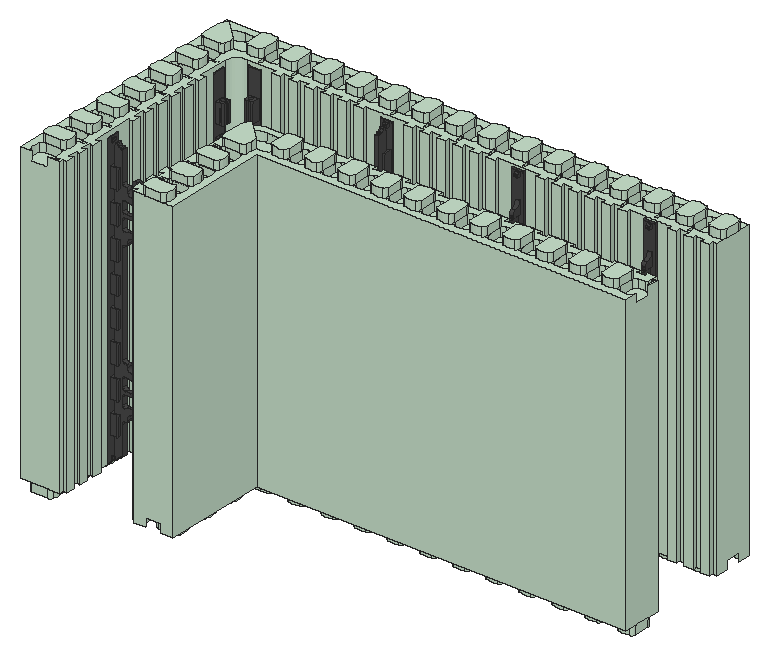
Revit family "ICF- NUDURA 4-inch- 90 Degree Form Unit- Imperial", category Generic Models, Revit 2011 (continued)
Definition of nested family "4-inch Insert Web"
  Forms (in)
    Extrusion 2, solid, material "High Density Polystyrene"
      sketch origin (0, 0, 0) x (0, 1, 0) y (0, 0, 1)
        loop
          arc (0.20617, 5.76236) -> (0.36995, 5.99369) -> (0.60829, 6.14711) r 0.745
          arc (0.60829, 6.14711) -> (0.89426, 6.02456) -> (0.77171, 5.73858) r 0.22
          arc (0.77171, 5.73858) -> (0.74446, 5.18471) -> (1.18179, 5.52567) r 0.305
          arc (1.18179, 5.52567) -> (1.20889, 5.61305) -> (1.29847, 5.63158) r 0.09
          arc (1.29847, 5.63158) -> (1.44097, 5.6906) -> (1.5, 5.8331) r 0.20153
        loop
          line (1.5, 13.92792) -> (1.5, 14.39506)
          arc (1.5, 14.39506) -> (1.44165, 14.51428) -> (1.31171, 14.54135) r 0.15098
          arc (1.31171, 14.54135) -> (0.8435, 14.42302) -> (0.37542, 14.30691) r 109.15003
          arc (0.37542, 14.30691) -> (0.21407, 14.19098) -> (0.15234, 14.00212) r 0.31975
          arc (0.15234, 14.00212) -> (0.22557, 13.82535) -> (0.40234, 13.75212) r 0.25
          line (0.40234, 13.75212) -> (1.32421, 13.75212)
          arc (1.32421, 13.75212) -> (1.44851, 13.80361) -> (1.5, 13.92792) r 0.17579
        loop
          arc (1.5, 13.40446) -> (1.44851, 13.52876) -> (1.32421, 13.58025) r 0.17579
          line (1.32421, 13.58025) -> (0.40234, 13.58025)
          arc (0.40234, 13.58025) -> (0.22557, 13.50703) -> (0.15234, 13.33025) r 0.25
          arc (0.15234, 13.33025) -> (0.21407, 13.1414) -> (0.37542, 13.02546) r 0.31975
          arc (0.37542, 13.02546) -> (0.8435, 12.90936) -> (1.31171, 12.79102) r 109.15003
          arc (1.31171, 12.79102) -> (1.44165, 12.81809) -> (1.5, 12.93731) r 0.15098
          line (1.5, 12.93731) -> (1.5, 13.40446)
        loop
          line (2.18889, 0.33798) -> (2.13111, 0.34119)
          arc (2.13111, 0.34119) -> (2.11625, 0.33575) -> (2.11, 0.32122) r 0.02
          line (2.11, 0.32122) -> (2.11, 0.20001)
          arc (2.11, 0.20001) -> (2.11414, 0.1848) -> (2.12543, 0.17379) r 0.03
          line (2.12543, 0.17379) -> (2.19457, 0.13538)
          arc (2.19457, 0.13538) -> (2.20585, 0.12437) -> (2.21, 0.10915) r 0.03
          line (2.21, 0.10915) -> (2.21, 0.35795)
          arc (2.21, 0.35795) -> (2.20374, 0.34342) -> (2.18889, 0.33798) r 0.02
        loop
          arc (1.5, 3.81792) -> (1.44851, 3.94222) -> (1.32421, 3.99371) r 0.17579
          line (1.32421, 3.99371) -> (0.40234, 3.99371)
          arc (0.40234, 3.99371) -> (0.22557, 3.92048) -> (0.15234, 3.74371) r 0.25
          arc (0.15234, 3.74371) -> (0.21407, 3.55486) -> (0.37542, 3.43892) r 0.31975
          arc (0.37542, 3.43892) -> (0.8435, 3.32282) -> (1.31171, 3.20448) r 109.15003
          arc (1.31171, 3.20448) -> (1.44165, 3.23155) -> (1.5, 3.35077) r 0.15098
          line (1.5, 3.35077) -> (1.5, 3.81792)
        loop
          line (1.5, 4.34137) -> (1.5, 4.80852)
          arc (1.5, 4.80852) -> (1.44165, 4.92774) -> (1.31171, 4.95481) r 0.15098
          arc (1.31171, 4.95481) -> (0.8435, 4.83647) -> (0.37542, 4.72037) r 109.15003
          arc (0.37542, 4.72037) -> (0.21407, 4.60444) -> (0.15234, 4.41558) r 0.31975
          arc (0.15234, 4.41558) -> (0.22557, 4.23881) -> (0.40234, 4.16558) r 0.25
          line (0.40234, 4.16558) -> (1.32421, 4.16558)
          arc (1.32421, 4.16558) -> (1.44851, 4.21707) -> (1.5, 4.34137) r 0.17579
        loop
          line (-2.18889, 17.40785) -> (-2.13111, 17.40464)
          arc (-2.13111, 17.40464) -> (-2.11625, 17.41008) -> (-2.11, 17.42461) r 0.02
          line (-2.11, 17.42461) -> (-2.11, 17.54582)
          arc (-2.11, 17.54582) -> (-2.11414, 17.56103) -> (-2.12543, 17.57204) r 0.03
          line (-2.12543, 17.57204) -> (-2.19457, 17.61045)
          arc (-2.19457, 17.61045) -> (-2.20585, 17.62147) -> (-2.21, 17.63668) r 0.03
          line (-2.21, 17.63668) -> (-2.21, 17.38789)
          arc (-2.21, 17.38789) -> (-2.20374, 17.40241) -> (-2.18889, 17.40785) r 0.02
        loop
          arc (-1.5, 13.92792) -> (-1.44851, 13.80361) -> (-1.32421, 13.75212) r 0.17579
          line (-1.32421, 13.75212) -> (-0.40234, 13.75212)
          arc (-0.40234, 13.75212) -> (-0.22557, 13.82535) -> (-0.15234, 14.00212) r 0.25
          arc (-0.15234, 14.00212) -> (-0.21407, 14.19098) -> (-0.37542, 14.30691) r 0.31975
          arc (-0.37542, 14.30691) -> (-0.8435, 14.42302) -> (-1.31171, 14.54135) r 109.15003
          arc (-1.31171, 14.54135) -> (-1.44165, 14.51428) -> (-1.5, 14.39506) r 0.15098
          line (-1.5, 14.39506) -> (-1.5, 13.92792)
        loop
          line (-1.5, 13.40446) -> (-1.5, 12.93731)
          arc (-1.5, 12.93731) -> (-1.44165, 12.81809) -> (-1.31171, 12.79102) r 0.15098
          arc (-1.31171, 12.79102) -> (-0.8435, 12.90936) -> (-0.37542, 13.02546) r 109.15003
          arc (-0.37542, 13.02546) -> (-0.21407, 13.1414) -> (-0.15234, 13.33025) r 0.31975
          arc (-0.15234, 13.33025) -> (-0.22557, 13.50703) -> (-0.40234, 13.58025) r 0.25
          line (-0.40234, 13.58025) -> (-1.32421, 13.58025)
          arc (-1.32421, 13.58025) -> (-1.44851, 13.52876) -> (-1.5, 13.40446) r 0.17579
        loop
          arc (-2.18889, 0.33798) -> (-2.20374, 0.34342) -> (-2.21, 0.35795) r 0.02
          line (-2.21, 0.35795) -> (-2.21, 0.10915)
          arc (-2.21, 0.10915) -> (-2.20585, 0.12437) -> (-2.19457, 0.13538) r 0.03
          line (-2.19457, 0.13538) -> (-2.12543, 0.17379)
          arc (-2.12543, 0.17379) -> (-2.11414, 0.1848) -> (-2.11, 0.20001) r 0.03
          line (-2.11, 0.20001) -> (-2.11, 0.32122)
          arc (-2.11, 0.32122) -> (-2.11625, 0.33575) -> (-2.13111, 0.34119) r 0.02
          line (-2.13111, 0.34119) -> (-2.18889, 0.33798)
        loop
          line (-1.5, 3.81792) -> (-1.5, 3.35077)
          arc (-1.5, 3.35077) -> (-1.44165, 3.23155) -> (-1.31171, 3.20448) r 0.15098
          arc (-1.31171, 3.20448) -> (-0.8435, 3.32282) -> (-0.37542, 3.43892) r 109.15003
          arc (-0.37542, 3.43892) -> (-0.21407, 3.55486) -> (-0.15234, 3.74371) r 0.31975
          arc (-0.15234, 3.74371) -> (-0.22557, 3.92048) -> (-0.40234, 3.99371) r 0.25
          line (-0.40234, 3.99371) -> (-1.32421, 3.99371)
          arc (-1.32421, 3.99371) -> (-1.44851, 3.94222) -> (-1.5, 3.81792) r 0.17579
        loop
          arc (-1.5, 4.34137) -> (-1.44851, 4.21707) -> (-1.32421, 4.16558) r 0.17579
          line (-1.32421, 4.16558) -> (-0.40234, 4.16558)
          arc (-0.40234, 4.16558) -> (-0.22557, 4.23881) -> (-0.15234, 4.41558) r 0.25
          arc (-0.15234, 4.41558) -> (-0.21407, 4.60444) -> (-0.37542, 4.72037) r 0.31975
          arc (-0.37542, 4.72037) -> (-0.8435, 4.83647) -> (-1.31171, 4.95481) r 109.15003
          arc (-1.31171, 4.95481) -> (-1.44165, 4.92774) -> (-1.5, 4.80852) r 0.15098
          line (-1.5, 4.80852) -> (-1.5, 4.34137)
      from 0.125 to -0.125
    Extrusion 3, solid, material "High Density Polystyrene"
      sketch origin (0, 0, 0) x (0, 1, 0) y (0, 0, 1)
        loop
          line (2.21, 16.17792) -> (1.71, 16.17792) -> (1.71, 14.97792) -> (2.21, 14.97792) -> (2.21, 16.17792)
        loop
          line (2.21, 14.22792) -> (1.71, 14.22792) -> (1.71, 13.02792) -> (2.21, 13.02792) -> (2.21, 14.22792)
        loop
          line (2.21, 12.27792) -> (1.71, 12.27792) -> (1.71, 11.07792) -> (2.21, 11.07792) -> (2.21, 12.27792)
        loop
          line (2.21, 10.32792) -> (1.71, 10.32792) -> (1.71, 9.24792) -> (2.21, 9.24792) -> (2.21, 10.32792)
        loop
          line (2.21, 8.49792) -> (1.71, 8.49792) -> (1.71, 7.41792) -> (2.21, 7.41792) -> (2.21, 8.49792)
        loop
          line (2.21, 6.66792) -> (1.71, 6.66792) -> (1.71, 5.46792) -> (2.21, 5.46792) -> (2.21, 6.66792)
        loop
          line (2.21, 4.71792) -> (1.71, 4.71792) -> (1.71, 3.51792) -> (2.21, 3.51792) -> (2.21, 4.71792)
        loop
          line (2.21, 2.76792) -> (1.71, 2.76792) -> (1.71, 1.56792) -> (2.21, 1.56792) -> (2.21, 2.76792)
        loop
          line (-2.21, 16.17792) -> (-2.21, 14.97792) -> (-1.71, 14.97792) -> (-1.71, 16.17792) -> (-2.21, 16.17792)
        loop
          line (-2.21, 14.22792) -> (-2.21, 13.02792) -> (-1.71, 13.02792) -> (-1.71, 14.22792) -> (-2.21, 14.22792)
        loop
          line (-2.21, 12.27792) -> (-2.21, 11.07792) -> (-1.71, 11.07792) -> (-1.71, 12.27792) -> (-2.21, 12.27792)
        loop
          line (-2.21, 10.32792) -> (-2.21, 9.24792) -> (-1.71, 9.24792) -> (-1.71, 10.32792) -> (-2.21, 10.32792)
        loop
          line (-2.21, 8.49792) -> (-2.21, 7.41792) -> (-1.71, 7.41792) -> (-1.71, 8.49792) -> (-2.21, 8.49792)
        loop
          line (-2.21, 6.66792) -> (-2.21, 5.46792) -> (-1.71, 5.46792) -> (-1.71, 6.66792) -> (-2.21, 6.66792)
        loop
          line (-2.21, 4.71792) -> (-2.21, 3.51792) -> (-1.71, 3.51792) -> (-1.71, 4.71792) -> (-2.21, 4.71792)
        loop
          line (-2.21, 2.76792) -> (-2.21, 1.56792) -> (-1.71, 1.56792) -> (-1.71, 2.76792) -> (-2.21, 2.76792)
      from 0.25 to -0.25
    Extrusion 4, void
      sketch origin (0, -1, 0) x (1, 0, 0) y (0, 1, 0)
        loop
          line (-0.25, 2.79249) -> (-0.25, 2.71) -> (-0.1675, 2.71)
          arc (-0.1675, 2.71) -> (-0.22584, 2.73416) -> (-0.25, 2.79249) r 0.0825
      from 0 to 18
    Extrusion 5, void
      sketch origin (0, -1, 0) x (-1, 0, 0) y (0, -1, 0)
        loop
          arc (-0.25, -2.79249) -> (-0.22584, -2.73416) -> (-0.1675, -2.71) r 0.0825
          line (-0.1675, -2.71) -> (-0.25, -2.71) -> (-0.25, -2.79249)
      from 0 to 18
    Extrusion 6, void
      sketch origin (0, 1, 0) x (1, 0, 0) y (0, 1, 0)
        loop
          arc (-0.25, -2.79249) -> (-0.22584, -2.73416) -> (-0.1675, -2.71) r 0.0825
          line (-0.1675, -2.71) -> (-0.25, -2.71) -> (-0.25, -2.79249)
      from 0 to 18
    Extrusion 7, void
      sketch origin (0, 1, 0) x (-1, 0, 0) y (0, -1, 0)
        loop
          line (-0.25, 2.79249) -> (-0.25, 2.71) -> (-0.1675, 2.71)
          arc (-0.1675, 2.71) -> (-0.22584, 2.73416) -> (-0.25, 2.79249) r 0.0825
      from 0 to 18
  Cuts and joins
    Extrusion 4, Extrusion 5, Extrusion 6, Extrusion 7 cuts Extrusion 1
    Extrusion 4, Extrusion 5, Extrusion 6, Extrusion 7 cuts Extrusion 3
Definition of nested family "4-inch Web"
  Reference planes (in)
    plane 1 "Center (Front/Back)": y = 0
    plane 2: z = 0
    plane 3 "Center (Left/Right)": x = 0
  Forms (in)
    Extrusion 1, solid, material "Polypropylene"
      sketch origin (0, -2, -0.5) x (0, 1, 0) y (0, 0, 1)
        loop
          arc (4.185, 0.98503) -> (4.17874, 0.9705) -> (4.16389, 0.96506) r 0.02
          line (4.16389, 0.96506) -> (4.00611, 0.97383)
          arc (4.00611, 0.97383) -> (3.99126, 0.96839) -> (3.985, 0.95386) r 0.02
          line (3.985, 0.95386) -> (3.985, 0.88265)
          arc (3.985, 0.88265) -> (3.98914, 0.86744) -> (4.00043, 0.85643) r 0.03
          line (4.00043, 0.85643) -> (4.16957, 0.76246)
          arc (4.16957, 0.76246) -> (4.18086, 0.75145) -> (4.185, 0.73624) r 0.03
          line (4.185, 0.73624) -> (4.185, 0.98503)
        loop
          line (-0.185, 0.98503) -> (-0.185, 0.73624)
          arc (-0.185, 0.73624) -> (-0.18086, 0.75145) -> (-0.16957, 0.76246) r 0.03
          line (-0.16957, 0.76246) -> (-0.00043, 0.85643)
          arc (-0.00043, 0.85643) -> (0.01086, 0.86744) -> (0.015, 0.88265) r 0.03
          line (0.015, 0.88265) -> (0.015, 0.95386)
          arc (0.015, 0.95386) -> (0.00874, 0.96839) -> (-0.00611, 0.97383) r 0.02
          line (-0.00611, 0.97383) -> (-0.16389, 0.96506)
          arc (-0.16389, 0.96506) -> (-0.17874, 0.9705) -> (-0.185, 0.98503) r 0.02
        loop
          line (3.995, 15.39617) -> (3.995, 15.89614) -> (3.89, 15.89614) -> (3.89, 15.96617) -> (4.15332, 15.96617)
          arc (4.15332, 15.96617) -> (4.16974, 15.96398) -> (4.185, 15.95755) r 0.0625
          line (4.185, 15.95755) -> (4.185, 16.73277)
          arc (4.185, 16.73277) -> (4.07682, 16.48647) -> (3.85666, 16.33188) r 0.5
          arc (3.85666, 16.33188) -> (3.73587, 16.24051) -> (3.69, 16.09617) r 0.25
          line (3.69, 16.09617) -> (3.69, 16.02867)
          arc (3.69, 16.02867) -> (3.7083, 15.98448) -> (3.7525, 15.96617) r 0.0625
          line (3.7525, 15.96617) -> (3.8, 15.96617) -> (3.8, 15.89614) -> (3.69446, 15.89614)
          arc (3.69446, 15.89614) -> (3.49353, 15.90523) -> (3.29847, 15.95435) r 1
          arc (3.29847, 15.95435) -> (3.20889, 15.93583) -> (3.18179, 15.84845) r 0.09
          arc (3.18179, 15.84845) -> (2.74446, 15.50749) -> (2.77171, 16.06136) r 0.305
          arc (2.77171, 16.06136) -> (2.89426, 16.34734) -> (2.60829, 16.46988) r 0.22
          arc (2.60829, 16.46988) -> (2.36995, 16.31647) -> (2.20617, 16.08513) r 0.745
          arc (2.20617, 16.08513) -> (2.12274, 15.98757) -> (2, 15.94992) r 0.23
          arc (2, 15.94992) -> (1.87726, 15.98757) -> (1.79383, 16.08513) r 0.23
          arc (1.79383, 16.08513) -> (1.63005, 16.31647) -> (1.39171, 16.46988) r 0.745
          arc (1.39171, 16.46988) -> (1.10574, 16.34734) -> (1.22829, 16.06136) r 0.22
          arc (1.22829, 16.06136) -> (1.25554, 15.50749) -> (0.81821, 15.84845) r 0.305
          arc (0.81821, 15.84845) -> (0.79111, 15.93583) -> (0.70153, 15.95435) r 0.09
          arc (0.70153, 15.95435) -> (0.50647, 15.90523) -> (0.30554, 15.89614) r 1
          line (0.30554, 15.89614) -> (0.2, 15.89614) -> (0.2, 15.96617) -> (0.2475, 15.96617)
          arc (0.2475, 15.96617) -> (0.2917, 15.98448) -> (0.31, 16.02867) r 0.0625
          line (0.31, 16.02867) -> (0.31, 16.09617)
          arc (0.31, 16.09617) -> (0.26413, 16.24051) -> (0.14334, 16.33188) r 0.25
          arc (0.14334, 16.33188) -> (-0.07682, 16.48647) -> (-0.185, 16.73277) r 0.5
          line (-0.185, 16.73277) -> (-0.185, 15.95755)
          arc (-0.185, 15.95755) -> (-0.16974, 15.96398) -> (-0.15332, 15.96617) r 0.0625
          line (-0.15332, 15.96617) -> (0.11, 15.96617) -> (0.11, 15.89614) -> (0.005, 15.89614) -> (0.005, 15.39617) -> (0.11, 15.39617) -> (0.11, 15.32617) -> (-0.1225, 15.32617)
          arc (-0.1225, 15.32617) -> (-0.16669, 15.34448) -> (-0.185, 15.38867) r 0.0625
          line (-0.185, 15.38867) -> (-0.185, 14.60367)
          arc (-0.185, 14.60367) -> (-0.16669, 14.64787) -> (-0.1225, 14.66617) r 0.0625
          line (-0.1225, 14.66617) -> (0.11, 14.66617) -> (0.11, 14.59617) -> (0.005, 14.59617) -> (0.005, 14.09617) -> (0.11, 14.09617) -> (0.11, 14.02617) -> (-0.1225, 14.02617)
          arc (-0.1225, 14.02617) -> (-0.16669, 14.04448) -> (-0.185, 14.08867) r 0.0625
          line (-0.185, 14.08867) -> (-0.185, 13.30367)
          arc (-0.185, 13.30367) -> (-0.16669, 13.34787) -> (-0.1225, 13.36617) r 0.0625
          line (-0.1225, 13.36617) -> (0.11, 13.36617) -> (0.11, 13.29617) -> (0.005, 13.29617) -> (0.005, 12.7962) -> (0.11, 12.7962) -> (0.11, 12.72617) -> (-0.1225, 12.72617)
          arc (-0.1225, 12.72617) -> (-0.16669, 12.74448) -> (-0.185, 12.78867) r 0.0625
          line (-0.185, 12.78867) -> (-0.185, 12.18907) -> (-0.09, 12.18907)
          arc (-0.09, 12.18907) -> (0.01399, 12.29203) -> (0.14334, 12.36047) r 0.5
          arc (0.14334, 12.36047) -> (0.26413, 12.45184) -> (0.31, 12.59617) r 0.25
          line (0.31, 12.59617) -> (0.31, 12.66367)
          arc (0.31, 12.66367) -> (0.2917, 12.70787) -> (0.2475, 12.72617) r 0.0625
          line (0.2475, 12.72617) -> (0.2, 12.72617) -> (0.2, 12.7962) -> (0.30554, 12.7962)
          arc (0.30554, 12.7962) -> (0.50647, 12.78711) -> (0.70153, 12.73799) r 1
          arc (0.70153, 12.73799) -> (0.79111, 12.75651) -> (0.81821, 12.84389) r 0.09
          arc (0.81821, 12.84389) -> (1.25554, 13.18486) -> (1.22829, 12.63098) r 0.305
          arc (1.22829, 12.63098) -> (1.10574, 12.34501) -> (1.39171, 12.22246) r 0.22
          arc (1.39171, 12.22246) -> (1.63005, 12.37588) -> (1.79383, 12.60721) r 0.745
          arc (1.79383, 12.60721) -> (1.87726, 12.70478) -> (2, 12.74242) r 0.23
          arc (2, 12.74242) -> (2.12274, 12.70478) -> (2.20617, 12.60721) r 0.23
          arc (2.20617, 12.60721) -> (2.36995, 12.37588) -> (2.60829, 12.22246) r 0.745
          arc (2.60829, 12.22246) -> (2.89426, 12.34501) -> (2.77171, 12.63098) r 0.22
          arc (2.77171, 12.63098) -> (2.74446, 13.18486) -> (3.18179, 12.84389) r 0.305
          arc (3.18179, 12.84389) -> (3.20889, 12.75651) -> (3.29847, 12.73799) r 0.09
          arc (3.29847, 12.73799) -> (3.49353, 12.78711) -> (3.69446, 12.7962) r 1
          line (3.69446, 12.7962) -> (3.8, 12.7962) -> (3.8, 12.72617) -> (3.7525, 12.72617)
          arc (3.7525, 12.72617) -> (3.7083, 12.70787) -> (3.69, 12.66367) r 0.0625
          line (3.69, 12.66367) -> (3.69, 12.59617)
          arc (3.69, 12.59617) -> (3.73587, 12.45184) -> (3.85666, 12.36047) r 0.25
          arc (3.85666, 12.36047) -> (3.98601, 12.29203) -> (4.09, 12.18907) r 0.5
          line (4.09, 12.18907) -> (4.185, 12.18907) -> (4.185, 12.78867)
          arc (4.185, 12.78867) -> (4.16669, 12.74448) -> (4.1225, 12.72617) r 0.0625
          line (4.1225, 12.72617) -> (3.89, 12.72617) -> (3.89, 12.7962) -> (3.995, 12.7962) -> (3.995, 13.29617) -> (3.89, 13.29617) -> (3.89, 13.36617) -> (4.1225, 13.36617)
          arc (4.1225, 13.36617) -> (4.16669, 13.34787) -> (4.185, 13.30367) r 0.0625
          line (4.185, 13.30367) -> (4.185, 14.08867)
          arc (4.185, 14.08867) -> (4.16669, 14.04448) -> (4.1225, 14.02617) r 0.0625
          line (4.1225, 14.02617) -> (3.89, 14.02617) -> (3.89, 14.09617) -> (3.995, 14.09617) -> (3.995, 14.59617) -> (3.89, 14.59617) -> (3.89, 14.66617) -> (4.1225, 14.66617)
          arc (4.1225, 14.66617) -> (4.16669, 14.64787) -> (4.185, 14.60367) r 0.0625
          line (4.185, 14.60367) -> (4.185, 15.38867)
          arc (4.185, 15.38867) -> (4.16669, 15.34448) -> (4.1225, 15.32617) r 0.0625
          line (4.1225, 15.32617) -> (3.89, 15.32617) -> (3.89, 15.39617) -> (3.995, 15.39617)
        loop
          line (3.695, 14.59617) -> (3.8, 14.59617) -> (3.8, 14.66617) -> (3.7525, 14.66617)
          arc (3.7525, 14.66617) -> (3.7083, 14.68448) -> (3.69, 14.72867) r 0.0625
          line (3.69, 14.72867) -> (3.69, 15.26367)
          arc (3.69, 15.26367) -> (3.7083, 15.30787) -> (3.7525, 15.32617) r 0.0625
          line (3.7525, 15.32617) -> (3.8, 15.32617) -> (3.8, 15.39617) -> (3.695, 15.39617)
          arc (3.695, 15.39617) -> (3.23819, 15.2911) -> (2.8018, 15.12004) r 3.1806
          line (2.8018, 15.12004) -> (2.30584, 14.87186)
          arc (2.30584, 14.87186) -> (2.18493, 14.61329) -> (2.40877, 14.43617) r 0.23
          line (2.40877, 14.43617) -> (2.98527, 14.43617)
          arc (2.98527, 14.43617) -> (3.29477, 14.47236) -> (3.59139, 14.56784) r 1.6
          arc (3.59139, 14.56784) -> (3.64143, 14.58847) -> (3.695, 14.59617) r 0.21872
        loop
          line (3.695, 13.29617) -> (3.8, 13.29617) -> (3.8, 13.36617) -> (3.7525, 13.36617)
          arc (3.7525, 13.36617) -> (3.7083, 13.38448) -> (3.69, 13.42867) r 0.0625
          line (3.69, 13.42867) -> (3.69, 13.96367)
          arc (3.69, 13.96367) -> (3.7083, 14.00787) -> (3.7525, 14.02617) r 0.0625
          line (3.7525, 14.02617) -> (3.8, 14.02617) -> (3.8, 14.09617) -> (3.695, 14.09617)
          arc (3.695, 14.09617) -> (3.64143, 14.10388) -> (3.59139, 14.1245) r 0.21872
          arc (3.59139, 14.1245) -> (3.29477, 14.21999) -> (2.98527, 14.25617) r 1.6
          line (2.98527, 14.25617) -> (2.40877, 14.25617)
          arc (2.40877, 14.25617) -> (2.18493, 14.07905) -> (2.30584, 13.82049) r 0.23
          line (2.30584, 13.82049) -> (2.8018, 13.57231)
          arc (2.8018, 13.57231) -> (3.23819, 13.40124) -> (3.695, 13.29617) r 3.1806
        loop
          line (4.185, 18.01497) -> (4.185, 18.26376)
          arc (4.185, 18.26376) -> (4.18086, 18.24855) -> (4.16957, 18.23754) r 0.03
          line (4.16957, 18.23754) -> (4.00043, 18.14357)
          arc (4.00043, 18.14357) -> (3.98914, 18.13256) -> (3.985, 18.11735) r 0.03
          line (3.985, 18.11735) -> (3.985, 18.04614)
          arc (3.985, 18.04614) -> (3.99126, 18.03161) -> (4.00611, 18.02617) r 0.02
          line (4.00611, 18.02617) -> (4.16389, 18.03494)
          arc (4.16389, 18.03494) -> (4.17874, 18.0295) -> (4.185, 18.01497) r 0.02
        loop
          arc (-0.185, 18.01497) -> (-0.17874, 18.0295) -> (-0.16389, 18.03494) r 0.02
          line (-0.16389, 18.03494) -> (-0.00611, 18.02617)
          arc (-0.00611, 18.02617) -> (0.00874, 18.03161) -> (0.015, 18.04614) r 0.02
          line (0.015, 18.04614) -> (0.015, 18.11735)
          arc (0.015, 18.11735) -> (0.01086, 18.13256) -> (-0.00043, 18.14357) r 0.03
          line (-0.00043, 18.14357) -> (-0.16957, 18.23754)
          arc (-0.16957, 18.23754) -> (-0.18086, 18.24855) -> (-0.185, 18.26376) r 0.03
          line (-0.185, 18.26376) -> (-0.185, 18.01497)
        loop
          arc (0.305, 14.59617) -> (0.35857, 14.58847) -> (0.40861, 14.56784) r 0.21872
          arc (0.40861, 14.56784) -> (0.70523, 14.47236) -> (1.01473, 14.43617) r 1.6
          line (1.01473, 14.43617) -> (1.59123, 14.43617)
          arc (1.59123, 14.43617) -> (1.81507, 14.61329) -> (1.69416, 14.87186) r 0.23
          line (1.69416, 14.87186) -> (1.1982, 15.12004)
          arc (1.1982, 15.12004) -> (0.76181, 15.2911) -> (0.305, 15.39617) r 3.1806
          line (0.305, 15.39617) -> (0.2, 15.39617) -> (0.2, 15.32617) -> (0.2475, 15.32617)
          arc (0.2475, 15.32617) -> (0.2917, 15.30787) -> (0.31, 15.26367) r 0.0625
          line (0.31, 15.26367) -> (0.31, 14.72867)
          arc (0.31, 14.72867) -> (0.2917, 14.68448) -> (0.2475, 14.66617) r 0.0625
          line (0.2475, 14.66617) -> (0.2, 14.66617) -> (0.2, 14.59617) -> (0.305, 14.59617)
        loop
          arc (0.305, 13.29617) -> (0.76181, 13.40124) -> (1.1982, 13.57231) r 3.1806
          line (1.1982, 13.57231) -> (1.69416, 13.82049)
          arc (1.69416, 13.82049) -> (1.81507, 14.07905) -> (1.59123, 14.25617) r 0.23
          line (1.59123, 14.25617) -> (1.01473, 14.25617)
          arc (1.01473, 14.25617) -> (0.70523, 14.21999) -> (0.40861, 14.1245) r 1.6
          arc (0.40861, 14.1245) -> (0.35857, 14.10388) -> (0.305, 14.09617) r 0.21872
          line (0.305, 14.09617) -> (0.2, 14.09617) -> (0.2, 14.02617) -> (0.2475, 14.02617)
          arc (0.2475, 14.02617) -> (0.2917, 14.00787) -> (0.31, 13.96367) r 0.0625
          line (0.31, 13.96367) -> (0.31, 13.42867)
          arc (0.31, 13.42867) -> (0.2917, 13.38448) -> (0.2475, 13.36617) r 0.0625
          line (0.2475, 13.36617) -> (0.2, 13.36617) -> (0.2, 13.29617) -> (0.305, 13.29617)
        loop
          line (3.995, 3.60383) -> (3.89, 3.60383) -> (3.89, 3.67383) -> (4.1225, 3.67383)
          arc (4.1225, 3.67383) -> (4.16669, 3.65552) -> (4.185, 3.61133) r 0.0625
          line (4.185, 3.61133) -> (4.185, 4.39633)
          arc (4.185, 4.39633) -> (4.16669, 4.35213) -> (4.1225, 4.33383) r 0.0625
          line (4.1225, 4.33383) -> (3.89, 4.33383) -> (3.89, 4.40383) -> (3.995, 4.40383) -> (3.995, 4.90383) -> (3.89, 4.90383) -> (3.89, 4.97383) -> (4.1225, 4.97383)
          arc (4.1225, 4.97383) -> (4.16669, 4.95552) -> (4.185, 4.91133) r 0.0625
          line (4.185, 4.91133) -> (4.185, 5.69633)
          arc (4.185, 5.69633) -> (4.16669, 5.65213) -> (4.1225, 5.63383) r 0.0625
          line (4.1225, 5.63383) -> (3.89, 5.63383) -> (3.89, 5.70383) -> (3.995, 5.70383) -> (3.995, 6.2038) -> (3.89, 6.2038) -> (3.89, 6.27383) -> (4.1225, 6.27383)
          arc (4.1225, 6.27383) -> (4.16669, 6.25552) -> (4.185, 6.21133) r 0.0625
          line (4.185, 6.21133) -> (4.185, 6.81093) -> (4.09, 6.81093)
          arc (4.09, 6.81093) -> (3.98601, 6.70797) -> (3.85666, 6.63953) r 0.5
          arc (3.85666, 6.63953) -> (3.73587, 6.54816) -> (3.69, 6.40383) r 0.25
          line (3.69, 6.40383) -> (3.69, 6.33633)
          arc (3.69, 6.33633) -> (3.7083, 6.29213) -> (3.7525, 6.27383) r 0.0625
          line (3.7525, 6.27383) -> (3.8, 6.27383) -> (3.8, 6.2038) -> (3.69446, 6.2038)
          arc (3.69446, 6.2038) -> (3.49353, 6.21289) -> (3.29847, 6.26201) r 1
          arc (3.29847, 6.26201) -> (3.20889, 6.24349) -> (3.18179, 6.15611) r 0.09
          arc (3.18179, 6.15611) -> (2.74446, 5.81514) -> (2.77171, 6.36902) r 0.305
          arc (2.77171, 6.36902) -> (2.89426, 6.65499) -> (2.60829, 6.77754) r 0.22
          arc (2.60829, 6.77754) -> (2.36995, 6.62412) -> (2.20617, 6.39279) r 0.745
          arc (2.20617, 6.39279) -> (2.12274, 6.29522) -> (2, 6.25758) r 0.23
          arc (2, 6.25758) -> (1.87726, 6.29522) -> (1.79383, 6.39279) r 0.23
          arc (1.79383, 6.39279) -> (1.63005, 6.62412) -> (1.39171, 6.77754) r 0.745
          arc (1.39171, 6.77754) -> (1.10574, 6.65499) -> (1.22829, 6.36902) r 0.22
          arc (1.22829, 6.36902) -> (1.25554, 5.81514) -> (0.81821, 6.15611) r 0.305
          arc (0.81821, 6.15611) -> (0.79111, 6.24349) -> (0.70153, 6.26201) r 0.09
          arc (0.70153, 6.26201) -> (0.50647, 6.21289) -> (0.30554, 6.2038) r 1
          line (0.30554, 6.2038) -> (0.2, 6.2038) -> (0.2, 6.27383) -> (0.2475, 6.27383)
          arc (0.2475, 6.27383) -> (0.2917, 6.29213) -> (0.31, 6.33633) r 0.0625
          line (0.31, 6.33633) -> (0.31, 6.40383)
          arc (0.31, 6.40383) -> (0.26413, 6.54816) -> (0.14334, 6.63953) r 0.25
          arc (0.14334, 6.63953) -> (0.01399, 6.70797) -> (-0.09, 6.81093) r 0.5
          line (-0.09, 6.81093) -> (-0.185, 6.81093) -> (-0.185, 6.21133)
          arc (-0.185, 6.21133) -> (-0.16669, 6.25552) -> (-0.1225, 6.27383) r 0.0625
          line (-0.1225, 6.27383) -> (0.11, 6.27383) -> (0.11, 6.2038) -> (0.005, 6.2038) -> (0.005, 5.70383) -> (0.11, 5.70383) -> (0.11, 5.63383) -> (-0.1225, 5.63383)
          arc (-0.1225, 5.63383) -> (-0.16669, 5.65213) -> (-0.185, 5.69633) r 0.0625
          line (-0.185, 5.69633) -> (-0.185, 4.91133)
          arc (-0.185, 4.91133) -> (-0.16669, 4.95552) -> (-0.1225, 4.97383) r 0.0625
          line (-0.1225, 4.97383) -> (0.11, 4.97383) -> (0.11, 4.90383) -> (0.005, 4.90383) -> (0.005, 4.40383) -> (0.11, 4.40383) -> (0.11, 4.33383) -> (-0.1225, 4.33383)
          arc (-0.1225, 4.33383) -> (-0.16669, 4.35213) -> (-0.185, 4.39633) r 0.0625
          line (-0.185, 4.39633) -> (-0.185, 3.61133)
          arc (-0.185, 3.61133) -> (-0.16669, 3.65552) -> (-0.1225, 3.67383) r 0.0625
          line (-0.1225, 3.67383) -> (0.11, 3.67383) -> (0.11, 3.60383) -> (0.005, 3.60383) -> (0.005, 3.10386) -> (0.11, 3.10386) -> (0.11, 3.03383) -> (-0.15332, 3.03383)
          arc (-0.15332, 3.03383) -> (-0.16974, 3.03602) -> (-0.185, 3.04245) r 0.0625
          line (-0.185, 3.04245) -> (-0.185, 2.26723)
          arc (-0.185, 2.26723) -> (-0.07682, 2.51353) -> (0.14334, 2.66812) r 0.5
          arc (0.14334, 2.66812) -> (0.26413, 2.75949) -> (0.31, 2.90383) r 0.25
          line (0.31, 2.90383) -> (0.31, 2.97133)
          arc (0.31, 2.97133) -> (0.2917, 3.01552) -> (0.2475, 3.03383) r 0.0625
          line (0.2475, 3.03383) -> (0.2, 3.03383) -> (0.2, 3.10386) -> (0.30554, 3.10386)
          arc (0.30554, 3.10386) -> (0.50647, 3.09477) -> (0.70153, 3.04565) r 1
          arc (0.70153, 3.04565) -> (0.79111, 3.06417) -> (0.81821, 3.15155) r 0.09
          arc (0.81821, 3.15155) -> (1.25554, 3.49251) -> (1.22829, 2.93864) r 0.305
          arc (1.22829, 2.93864) -> (1.10574, 2.65266) -> (1.39171, 2.53012) r 0.22
          arc (1.39171, 2.53012) -> (1.63005, 2.68353) -> (1.79383, 2.91487) r 0.745
          arc (1.79383, 2.91487) -> (1.87726, 3.01243) -> (2, 3.05008) r 0.23
          arc (2, 3.05008) -> (2.12274, 3.01243) -> (2.20617, 2.91487) r 0.23
          arc (2.20617, 2.91487) -> (2.36995, 2.68353) -> (2.60829, 2.53012) r 0.745
          arc (2.60829, 2.53012) -> (2.89426, 2.65266) -> (2.77171, 2.93864) r 0.22
          arc (2.77171, 2.93864) -> (2.74446, 3.49251) -> (3.18179, 3.15155) r 0.305
          arc (3.18179, 3.15155) -> (3.20889, 3.06417) -> (3.29847, 3.04565) r 0.09
          arc (3.29847, 3.04565) -> (3.49353, 3.09477) -> (3.69446, 3.10386) r 1
          line (3.69446, 3.10386) -> (3.8, 3.10386) -> (3.8, 3.03383) -> (3.7525, 3.03383)
          arc (3.7525, 3.03383) -> (3.7083, 3.01552) -> (3.69, 2.97133) r 0.0625
          line (3.69, 2.97133) -> (3.69, 2.90383)
          arc (3.69, 2.90383) -> (3.73587, 2.75949) -> (3.85666, 2.66812) r 0.25
          arc (3.85666, 2.66812) -> (4.07682, 2.51353) -> (4.185, 2.26723) r 0.5
          line (4.185, 2.26723) -> (4.185, 3.04245)
          arc (4.185, 3.04245) -> (4.16974, 3.03602) -> (4.15332, 3.03383) r 0.0625
          line (4.15332, 3.03383) -> (3.89, 3.03383) -> (3.89, 3.10386) -> (3.995, 3.10386) -> (3.995, 3.60383)
        loop
          arc (3.695, 4.40383) -> (3.64143, 4.41153) -> (3.59139, 4.43216) r 0.21872
          arc (3.59139, 4.43216) -> (3.29477, 4.52764) -> (2.98527, 4.56383) r 1.6
          line (2.98527, 4.56383) -> (2.40877, 4.56383)
          arc (2.40877, 4.56383) -> (2.18493, 4.38671) -> (2.30584, 4.12814) r 0.23
          line (2.30584, 4.12814) -> (2.8018, 3.87996)
          arc (2.8018, 3.87996) -> (3.23819, 3.7089) -> (3.695, 3.60383) r 3.1806
          line (3.695, 3.60383) -> (3.8, 3.60383) -> (3.8, 3.67383) -> (3.7525, 3.67383)
          arc (3.7525, 3.67383) -> (3.7083, 3.69213) -> (3.69, 3.73633) r 0.0625
          line (3.69, 3.73633) -> (3.69, 4.27133)
          arc (3.69, 4.27133) -> (3.7083, 4.31552) -> (3.7525, 4.33383) r 0.0625
          line (3.7525, 4.33383) -> (3.8, 4.33383) -> (3.8, 4.40383) -> (3.695, 4.40383)
        loop
          arc (3.695, 5.70383) -> (3.23819, 5.59876) -> (2.8018, 5.42769) r 3.1806
          line (2.8018, 5.42769) -> (2.30584, 5.17951)
          arc (2.30584, 5.17951) -> (2.18493, 4.92095) -> (2.40877, 4.74383) r 0.23
          line (2.40877, 4.74383) -> (2.98527, 4.74383)
          arc (2.98527, 4.74383) -> (3.29477, 4.78001) -> (3.59139, 4.8755) r 1.6
          arc (3.59139, 4.8755) -> (3.64143, 4.89612) -> (3.695, 4.90383) r 0.21872
          line (3.695, 4.90383) -> (3.8, 4.90383) -> (3.8, 4.97383) -> (3.7525, 4.97383)
          arc (3.7525, 4.97383) -> (3.7083, 4.99213) -> (3.69, 5.03633) r 0.0625
          line (3.69, 5.03633) -> (3.69, 5.57133)
          arc (3.69, 5.57133) -> (3.7083, 5.61552) -> (3.7525, 5.63383) r 0.0625
          line (3.7525, 5.63383) -> (3.8, 5.63383) -> (3.8, 5.70383) -> (3.695, 5.70383)
        loop
          line (0.305, 4.40383) -> (0.2, 4.40383) -> (0.2, 4.33383) -> (0.2475, 4.33383)
          arc (0.2475, 4.33383) -> (0.2917, 4.31552) -> (0.31, 4.27133) r 0.0625
          line (0.31, 4.27133) -> (0.31, 3.73633)
          arc (0.31, 3.73633) -> (0.2917, 3.69213) -> (0.2475, 3.67383) r 0.0625
          line (0.2475, 3.67383) -> (0.2, 3.67383) -> (0.2, 3.60383) -> (0.305, 3.60383)
          arc (0.305, 3.60383) -> (0.76181, 3.7089) -> (1.1982, 3.87996) r 3.1806
          line (1.1982, 3.87996) -> (1.69416, 4.12814)
          arc (1.69416, 4.12814) -> (1.81507, 4.38671) -> (1.59123, 4.56383) r 0.23
          line (1.59123, 4.56383) -> (1.01473, 4.56383)
          arc (1.01473, 4.56383) -> (0.70523, 4.52764) -> (0.40861, 4.43216) r 1.6
          arc (0.40861, 4.43216) -> (0.35857, 4.41153) -> (0.305, 4.40383) r 0.21872
        loop
          line (0.305, 5.70383) -> (0.2, 5.70383) -> (0.2, 5.63383) -> (0.2475, 5.63383)
          arc (0.2475, 5.63383) -> (0.2917, 5.61552) -> (0.31, 5.57133) r 0.0625
          line (0.31, 5.57133) -> (0.31, 5.03633)
          arc (0.31, 5.03633) -> (0.2917, 4.99213) -> (0.2475, 4.97383) r 0.0625
          line (0.2475, 4.97383) -> (0.2, 4.97383) -> (0.2, 4.90383) -> (0.305, 4.90383)
          arc (0.305, 4.90383) -> (0.35857, 4.89612) -> (0.40861, 4.8755) r 0.21872
          arc (0.40861, 4.8755) -> (0.70523, 4.78001) -> (1.01473, 4.74383) r 1.6
          line (1.01473, 4.74383) -> (1.59123, 4.74383)
          arc (1.59123, 4.74383) -> (1.81507, 4.92095) -> (1.69416, 5.17951) r 0.23
          line (1.69416, 5.17951) -> (1.1982, 5.42769)
          arc (1.1982, 5.42769) -> (0.76181, 5.59876) -> (0.305, 5.70383) r 3.1806
      from -0.125 to 0.125
    Extrusion 2, solid, material "Polypropylene"
      sketch origin (0, 0, 0) x (0, 1, 0) y (0, 0, 1)
        loop
          line (2.185, 17.8125) -> (2.185, 0.1875)
          arc (2.185, 0.1875) -> (2.2042, 0.14243) -> (2.25, 0.12505) r 0.0625
          arc (2.25, 0.12505) -> (2.2958, 0.14243) -> (2.315, 0.1875) r 0.0625
          line (2.315, 0.1875) -> (2.315, 17.8125)
          arc (2.315, 17.8125) -> (2.2958, 17.85757) -> (2.25, 17.87495) r 0.0625
          arc (2.25, 17.87495) -> (2.2042, 17.85757) -> (2.185, 17.8125) r 0.0625
        loop
          arc (-2.185, 17.8125) -> (-2.2042, 17.85757) -> (-2.25, 17.87495) r 0.0625
          arc (-2.25, 17.87495) -> (-2.2958, 17.85757) -> (-2.315, 17.8125) r 0.0625
          line (-2.315, 17.8125) -> (-2.315, 0.1875)
          arc (-2.315, 0.1875) -> (-2.2958, 0.14243) -> (-2.25, 0.12505) r 0.0625
          arc (-2.25, 0.12505) -> (-2.2042, 0.14243) -> (-2.185, 0.1875) r 0.0625
          line (-2.185, 0.1875) -> (-2.185, 17.8125)
      from -0.36328 to 0.36328
Definition of nested family "NUDURA Diamond Pattern"
  Reference planes (in)
    plane 1 "Center (Front/Back)": y = 0
    plane 2: z = 0
    plane 3 "Center (Left/Right)": x = 0
    plane 4: z = 18
  Lines and regions (in)
    model lines
      curve 1: line (8, -5.625, 18) -> (8, -5.625, 0)
      curve 2: line (6, -5.625, 18) -> (6, -5.625, 0)
      curve 3: line (2, -5.625, 18) -> (2, -5.625, 0)
      curve 4: line (3.35367, -5.625, 16.98484) -> (3.69709, -5.625, 16.64142)
      curve 5: arc (3.35367, -5.625, 17.51517) -> (3.24384, -5.625, 17.25) -> (3.35367, -5.625, 16.98484) r 0.375
      curve 6: line (3.72867, -5.625, 17.89017) -> (3.35367, -5.625, 17.51517)
      curve 7: arc (4.259, -5.625, 17.89017) -> (3.99384, -5.625, 18) -> (3.72867, -5.625, 17.89017) r 0.375
      curve 8: line (4.634, -5.625, 17.51517) -> (4.259, -5.625, 17.89017)
      curve 9: arc (4.634, -5.625, 16.98484) -> (4.74384, -5.625, 17.25) -> (4.634, -5.625, 17.51517) r 0.375
      curve 10: line (4.29059, -5.625, 16.64142) -> (4.634, -5.625, 16.98484)
      curve 11: arc (4.17062, -5.625, 17.80178) -> (3.99384, -5.625, 17.875) -> (3.81706, -5.625, 17.80178) r 0.25
      curve 12: line (4.54562, -5.625, 17.42678) -> (4.17062, -5.625, 17.80178)
      curve 13: arc (4.54562, -5.625, 17.07322) -> (4.61884, -5.625, 17.25) -> (4.54562, -5.625, 17.42678) r 0.25
      curve 14: line (4.17062, -5.625, 16.69822) -> (4.54562, -5.625, 17.07322)
      curve 15: arc (3.81706, -5.625, 16.69822) -> (3.99384, -5.625, 16.625) -> (4.17062, -5.625, 16.69822) r 0.25
      curve 16: line (3.44206, -5.625, 17.07322) -> (3.81706, -5.625, 16.69822)
      curve 17: arc (3.44206, -5.625, 17.42678) -> (3.36884, -5.625, 17.25) -> (3.44206, -5.625, 17.07322) r 0.25
      curve 18: line (3.81706, -5.625, 17.80178) -> (3.44206, -5.625, 17.42678)
      curve 19: arc (3.69709, -5.625, 16.35858) -> (3.75567, -5.625, 16.5) -> (3.69709, -5.625, 16.64142) r 0.2
      curve 20: line (4.634, -5.625, 16.01517) -> (4.29059, -5.625, 16.35858)
      curve 21: arc (4.634, -5.625, 15.48484) -> (4.74384, -5.625, 15.75) -> (4.634, -5.625, 16.01517) r 0.375
      curve 22: line (4.29059, -5.625, 15.14142) -> (4.634, -5.625, 15.48484)
      curve 23: line (3.35367, -5.625, 15.48484) -> (3.69709, -5.625, 15.14142)
      curve 24: arc (3.35367, -5.625, 16.01517) -> (3.24384, -5.625, 15.75) -> (3.35367, -5.625, 15.48484) r 0.375
      curve 25: line (3.69709, -5.625, 16.35858) -> (3.35367, -5.625, 16.01517)
      curve 26: arc (4.17062, -5.625, 16.30178) -> (3.99384, -5.625, 16.375) -> (3.81706, -5.625, 16.30178) r 0.25
      curve 27: line (3.81706, -5.625, 16.30178) -> (3.44206, -5.625, 15.92678)
      curve 28: arc (3.44206, -5.625, 15.92678) -> (3.36884, -5.625, 15.75) -> (3.44206, -5.625, 15.57322) r 0.25
      curve 29: line (3.44206, -5.625, 15.57322) -> (3.81706, -5.625, 15.19822)
      curve 30: arc (3.81706, -5.625, 15.19822) -> (3.99384, -5.625, 15.125) -> (4.17062, -5.625, 15.19822) r 0.25
      curve 31: line (4.17062, -5.625, 15.19822) -> (4.54562, -5.625, 15.57322)
      curve 32: arc (4.54562, -5.625, 15.57322) -> (4.61884, -5.625, 15.75) -> (4.54562, -5.625, 15.92678) r 0.25
      curve 33: line (4.54562, -5.625, 15.92678) -> (4.17062, -5.625, 16.30178)
      curve 34: arc (3.69709, -5.625, 14.85858) -> (3.75567, -5.625, 15) -> (3.69709, -5.625, 15.14142) r 0.2
      curve 35: line (4.634, -5.625, 14.51517) -> (4.29059, -5.625, 14.85858)
      curve 36: arc (4.634, -5.625, 13.98484) -> (4.74384, -5.625, 14.25) -> (4.634, -5.625, 14.51517) r 0.375
      curve 37: line (4.29059, -5.625, 13.64142) -> (4.634, -5.625, 13.98484)
      curve 38: line (3.35367, -5.625, 13.98484) -> (3.69709, -5.625, 13.64142)
      curve 39: arc (3.35367, -5.625, 14.51517) -> (3.24384, -5.625, 14.25) -> (3.35367, -5.625, 13.98484) r 0.375
      curve 40: line (3.69709, -5.625, 14.85858) -> (3.35367, -5.625, 14.51517)
      curve 41: arc (4.17062, -5.625, 14.80178) -> (3.99384, -5.625, 14.875) -> (3.81706, -5.625, 14.80178) r 0.25
      curve 42: line (3.81706, -5.625, 14.80178) -> (3.44206, -5.625, 14.42678)
      curve 43: arc (3.44206, -5.625, 14.42678) -> (3.36884, -5.625, 14.25) -> (3.44206, -5.625, 14.07322) r 0.25
      curve 44: line (3.44206, -5.625, 14.07322) -> (3.81706, -5.625, 13.69822)
      curve 45: arc (3.81706, -5.625, 13.69822) -> (3.99384, -5.625, 13.625) -> (4.17062, -5.625, 13.69822) r 0.25
      curve 46: line (4.17062, -5.625, 13.69822) -> (4.54562, -5.625, 14.07322)
      curve 47: arc (4.54562, -5.625, 14.07322) -> (4.61884, -5.625, 14.25) -> (4.54562, -5.625, 14.42678) r 0.25
      curve 48: line (4.54562, -5.625, 14.42678) -> (4.17062, -5.625, 14.80178)
      curve 49: arc (3.69709, -5.625, 13.35858) -> (3.75567, -5.625, 13.5) -> (3.69709, -5.625, 13.64142) r 0.2
      curve 50: line (4.634, -5.625, 13.01517) -> (4.29059, -5.625, 13.35858)
      curve 51: arc (4.634, -5.625, 12.48484) -> (4.74384, -5.625, 12.75) -> (4.634, -5.625, 13.01517) r 0.375
      curve 52: line (4.29059, -5.625, 12.14142) -> (4.634, -5.625, 12.48484)
      curve 53: line (3.35367, -5.625, 12.48484) -> (3.69709, -5.625, 12.14142)
      curve 54: arc (3.35367, -5.625, 13.01517) -> (3.24384, -5.625, 12.75) -> (3.35367, -5.625, 12.48484) r 0.375
      curve 55: line (3.69709, -5.625, 13.35858) -> (3.35367, -5.625, 13.01517)
      curve 56: arc (4.17062, -5.625, 13.30178) -> (3.99384, -5.625, 13.375) -> (3.81706, -5.625, 13.30178) r 0.25
      curve 57: line (3.81706, -5.625, 13.30178) -> (3.44206, -5.625, 12.92678)
      curve 58: arc (3.44206, -5.625, 12.92678) -> (3.36884, -5.625, 12.75) -> (3.44206, -5.625, 12.57322) r 0.25
      curve 59: line (3.44206, -5.625, 12.57322) -> (3.81706, -5.625, 12.19822)
      curve 60: arc (3.81706, -5.625, 12.19822) -> (3.99384, -5.625, 12.125) -> (4.17062, -5.625, 12.19822) r 0.25
      curve 61: line (4.17062, -5.625, 12.19822) -> (4.54562, -5.625, 12.57322)
      curve 62: arc (4.54562, -5.625, 12.57322) -> (4.61884, -5.625, 12.75) -> (4.54562, -5.625, 12.92678) r 0.25
      curve 63: line (4.54562, -5.625, 12.92678) -> (4.17062, -5.625, 13.30178)
      curve 64: arc (3.69709, -5.625, 11.85858) -> (3.75567, -5.625, 12) -> (3.69709, -5.625, 12.14142) r 0.2
      curve 65: line (4.634, -5.625, 11.51517) -> (4.29059, -5.625, 11.85858)
      curve 66: arc (4.634, -5.625, 10.98484) -> (4.74384, -5.625, 11.25) -> (4.634, -5.625, 11.51517) r 0.375
      curve 67: line (4.29059, -5.625, 10.64142) -> (4.634, -5.625, 10.98484)
      curve 68: line (3.35367, -5.625, 10.98484) -> (3.69709, -5.625, 10.64142)
      curve 69: arc (3.35367, -5.625, 11.51517) -> (3.24384, -5.625, 11.25) -> (3.35367, -5.625, 10.98484) r 0.375
      curve 70: line (3.69709, -5.625, 11.85858) -> (3.35367, -5.625, 11.51517)
      curve 71: arc (4.17062, -5.625, 11.80178) -> (3.99384, -5.625, 11.875) -> (3.81706, -5.625, 11.80178) r 0.25
      curve 72: line (3.81706, -5.625, 11.80178) -> (3.44206, -5.625, 11.42678)
      curve 73: arc (3.44206, -5.625, 11.42678) -> (3.36884, -5.625, 11.25) -> (3.44206, -5.625, 11.07322) r 0.25
      curve 74: line (3.44206, -5.625, 11.07322) -> (3.81706, -5.625, 10.69822)
      curve 75: arc (3.81706, -5.625, 10.69822) -> (3.99384, -5.625, 10.625) -> (4.17062, -5.625, 10.69822) r 0.25
      curve 76: line (4.17062, -5.625, 10.69822) -> (4.54562, -5.625, 11.07322)
      curve 77: arc (4.54562, -5.625, 11.07322) -> (4.61884, -5.625, 11.25) -> (4.54562, -5.625, 11.42678) r 0.25
      curve 78: line (4.54562, -5.625, 11.42678) -> (4.17062, -5.625, 11.80178)
      curve 79: arc (3.69709, -5.625, 10.35858) -> (3.75567, -5.625, 10.5) -> (3.69709, -5.625, 10.64142) r 0.2
      curve 80: line (4.634, -5.625, 10.01517) -> (4.29059, -5.625, 10.35858)
      curve 81: arc (4.634, -5.625, 9.48484) -> (4.74384, -5.625, 9.75) -> (4.634, -5.625, 10.01517) r 0.375
      curve 82: line (4.29059, -5.625, 9.14142) -> (4.634, -5.625, 9.48484)
      curve 83: line (3.35367, -5.625, 9.48484) -> (3.69709, -5.625, 9.14142)
      curve 84: arc (3.35367, -5.625, 10.01517) -> (3.24384, -5.625, 9.75) -> (3.35367, -5.625, 9.48484) r 0.375
      curve 85: line (3.69709, -5.625, 10.35858) -> (3.35367, -5.625, 10.01517)
      curve 86: arc (4.17062, -5.625, 10.30178) -> (3.99384, -5.625, 10.375) -> (3.81706, -5.625, 10.30178) r 0.25
      curve 87: line (3.81706, -5.625, 10.30178) -> (3.44206, -5.625, 9.92678)
      curve 88: arc (3.44206, -5.625, 9.92678) -> (3.36884, -5.625, 9.75) -> (3.44206, -5.625, 9.57322) r 0.25
      curve 89: line (3.44206, -5.625, 9.57322) -> (3.81706, -5.625, 9.19822)
      curve 90: arc (3.81706, -5.625, 9.19822) -> (3.99384, -5.625, 9.125) -> (4.17062, -5.625, 9.19822) r 0.25
      curve 91: line (4.17062, -5.625, 9.19822) -> (4.54562, -5.625, 9.57322)
      curve 92: arc (4.54562, -5.625, 9.57322) -> (4.61884, -5.625, 9.75) -> (4.54562, -5.625, 9.92678) r 0.25
      curve 93: line (4.54562, -5.625, 9.92678) -> (4.17062, -5.625, 10.30178)
      curve 94: arc (3.69709, -5.625, 8.85858) -> (3.75567, -5.625, 9) -> (3.69709, -5.625, 9.14142) r 0.2
      curve 95: line (4.634, -5.625, 8.51517) -> (4.29059, -5.625, 8.85858)
      curve 96: arc (4.634, -5.625, 7.98484) -> (4.74384, -5.625, 8.25) -> (4.634, -5.625, 8.51517) r 0.375
      curve 97: line (4.29059, -5.625, 7.64142) -> (4.634, -5.625, 7.98484)
      curve 98: line (3.35367, -5.625, 7.98484) -> (3.69709, -5.625, 7.64142)
      curve 99: arc (3.35367, -5.625, 8.51517) -> (3.24384, -5.625, 8.25) -> (3.35367, -5.625, 7.98484) r 0.375
      curve 100: line (3.69709, -5.625, 8.85858) -> (3.35367, -5.625, 8.51517)
      curve 101: arc (4.17062, -5.625, 8.80178) -> (3.99384, -5.625, 8.875) -> (3.81706, -5.625, 8.80178) r 0.25
      curve 102: line (3.81706, -5.625, 8.80178) -> (3.44206, -5.625, 8.42678)
      curve 103: arc (3.44206, -5.625, 8.42678) -> (3.36884, -5.625, 8.25) -> (3.44206, -5.625, 8.07322) r 0.25
      curve 104: line (3.44206, -5.625, 8.07322) -> (3.81706, -5.625, 7.69822)
      curve 105: arc (3.81706, -5.625, 7.69822) -> (3.99384, -5.625, 7.625) -> (4.17062, -5.625, 7.69822) r 0.25
      curve 106: line (4.17062, -5.625, 7.69822) -> (4.54562, -5.625, 8.07322)
      curve 107: arc (4.54562, -5.625, 8.07322) -> (4.61884, -5.625, 8.25) -> (4.54562, -5.625, 8.42678) r 0.25
      curve 108: line (4.54562, -5.625, 8.42678) -> (4.17062, -5.625, 8.80178)
      curve 109: arc (3.69709, -5.625, 7.35858) -> (3.75567, -5.625, 7.5) -> (3.69709, -5.625, 7.64142) r 0.2
      curve 110: line (4.634, -5.625, 7.01517) -> (4.29059, -5.625, 7.35858)
      curve 111: arc (4.634, -5.625, 6.48484) -> (4.74384, -5.625, 6.75) -> (4.634, -5.625, 7.01517) r 0.375
      curve 112: line (4.29059, -5.625, 6.14142) -> (4.634, -5.625, 6.48484)
      curve 113: line (3.35367, -5.625, 6.48484) -> (3.69709, -5.625, 6.14142)
      curve 114: arc (3.35367, -5.625, 7.01517) -> (3.24384, -5.625, 6.75) -> (3.35367, -5.625, 6.48484) r 0.375
      curve 115: line (3.69709, -5.625, 7.35858) -> (3.35367, -5.625, 7.01517)
      curve 116: arc (4.17062, -5.625, 7.30178) -> (3.99384, -5.625, 7.375) -> (3.81706, -5.625, 7.30178) r 0.25
      curve 117: line (3.81706, -5.625, 7.30178) -> (3.44206, -5.625, 6.92678)
      curve 118: arc (3.44206, -5.625, 6.92678) -> (3.36884, -5.625, 6.75) -> (3.44206, -5.625, 6.57322) r 0.25
      curve 119: line (3.44206, -5.625, 6.57322) -> (3.81706, -5.625, 6.19822)
      curve 120: arc (3.81706, -5.625, 6.19822) -> (3.99384, -5.625, 6.125) -> (4.17062, -5.625, 6.19822) r 0.25
      curve 121: line (4.17062, -5.625, 6.19822) -> (4.54562, -5.625, 6.57322)
      curve 122: arc (4.54562, -5.625, 6.57322) -> (4.61884, -5.625, 6.75) -> (4.54562, -5.625, 6.92678) r 0.25
      curve 123: line (4.54562, -5.625, 6.92678) -> (4.17062, -5.625, 7.30178)
      curve 124: arc (3.69709, -5.625, 5.85858) -> (3.75567, -5.625, 6) -> (3.69709, -5.625, 6.14142) r 0.2
      curve 125: line (4.634, -5.625, 5.51517) -> (4.29059, -5.625, 5.85858)
      curve 126: arc (4.634, -5.625, 4.98484) -> (4.74384, -5.625, 5.25) -> (4.634, -5.625, 5.51517) r 0.375
      curve 127: line (4.29059, -5.625, 4.64142) -> (4.634, -5.625, 4.98484)
      curve 128: line (3.35367, -5.625, 4.98484) -> (3.69709, -5.625, 4.64142)
      curve 129: arc (3.35367, -5.625, 5.51517) -> (3.24384, -5.625, 5.25) -> (3.35367, -5.625, 4.98484) r 0.375
      curve 130: line (3.69709, -5.625, 5.85858) -> (3.35367, -5.625, 5.51517)
      curve 131: arc (4.17062, -5.625, 5.80178) -> (3.99384, -5.625, 5.875) -> (3.81706, -5.625, 5.80178) r 0.25
      curve 132: line (3.81706, -5.625, 5.80178) -> (3.44206, -5.625, 5.42678)
      curve 133: arc (3.44206, -5.625, 5.42678) -> (3.36884, -5.625, 5.25) -> (3.44206, -5.625, 5.07322) r 0.25
      curve 134: line (3.44206, -5.625, 5.07322) -> (3.81706, -5.625, 4.69822)
      curve 135: arc (3.81706, -5.625, 4.69822) -> (3.99384, -5.625, 4.625) -> (4.17062, -5.625, 4.69822) r 0.25
      curve 136: line (4.17062, -5.625, 4.69822) -> (4.54562, -5.625, 5.07322)
      curve 137: arc (4.54562, -5.625, 5.07322) -> (4.61884, -5.625, 5.25) -> (4.54562, -5.625, 5.42678) r 0.25
      curve 138: line (4.54562, -5.625, 5.42678) -> (4.17062, -5.625, 5.80178)
      curve 139: arc (3.69709, -5.625, 4.35858) -> (3.75567, -5.625, 4.5) -> (3.69709, -5.625, 4.64142) r 0.2
      curve 140: line (4.634, -5.625, 4.01517) -> (4.29059, -5.625, 4.35858)
      curve 141: arc (4.634, -5.625, 3.48484) -> (4.74384, -5.625, 3.75) -> (4.634, -5.625, 4.01517) r 0.375
      curve 142: line (4.29059, -5.625, 3.14142) -> (4.634, -5.625, 3.48484)
      curve 143: line (3.35367, -5.625, 3.48484) -> (3.69709, -5.625, 3.14142)
      curve 144: arc (3.35367, -5.625, 4.01517) -> (3.24384, -5.625, 3.75) -> (3.35367, -5.625, 3.48484) r 0.375
      curve 145: line (3.69709, -5.625, 4.35858) -> (3.35367, -5.625, 4.01517)
      curve 146: arc (4.17062, -5.625, 4.30178) -> (3.99384, -5.625, 4.375) -> (3.81706, -5.625, 4.30178) r 0.25
      curve 147: line (3.81706, -5.625, 4.30178) -> (3.44206, -5.625, 3.92678)
      curve 148: arc (3.44206, -5.625, 3.92678) -> (3.36884, -5.625, 3.75) -> (3.44206, -5.625, 3.57322) r 0.25
      curve 149: line (3.44206, -5.625, 3.57322) -> (3.81706, -5.625, 3.19822)
      curve 150: arc (3.81706, -5.625, 3.19822) -> (3.99384, -5.625, 3.125) -> (4.17062, -5.625, 3.19822) r 0.25
      curve 151: line (4.17062, -5.625, 3.19822) -> (4.54562, -5.625, 3.57322)
      curve 152: arc (4.54562, -5.625, 3.57322) -> (4.61884, -5.625, 3.75) -> (4.54562, -5.625, 3.92678) r 0.25
      curve 153: line (4.54562, -5.625, 3.92678) -> (4.17062, -5.625, 4.30178)
      curve 154: arc (3.69709, -5.625, 2.85858) -> (3.75567, -5.625, 3) -> (3.69709, -5.625, 3.14142) r 0.2
      curve 155: line (4.634, -5.625, 2.51517) -> (4.29059, -5.625, 2.85858)
      curve 156: arc (4.634, -5.625, 1.98484) -> (4.74384, -5.625, 2.25) -> (4.634, -5.625, 2.51517) r 0.375
      curve 157: line (4.29059, -5.625, 1.64142) -> (4.634, -5.625, 1.98484)
      curve 158: line (3.35367, -5.625, 1.98484) -> (3.69709, -5.625, 1.64142)
      curve 159: arc (3.35367, -5.625, 2.51517) -> (3.24384, -5.625, 2.25) -> (3.35367, -5.625, 1.98484) r 0.375
      curve 160: line (3.69709, -5.625, 2.85858) -> (3.35367, -5.625, 2.51517)
      curve 161: arc (4.17062, -5.625, 2.80178) -> (3.99384, -5.625, 2.875) -> (3.81706, -5.625, 2.80178) r 0.25
      curve 162: line (3.81706, -5.625, 2.80178) -> (3.44206, -5.625, 2.42678)
      curve 163: arc (3.44206, -5.625, 2.42678) -> (3.36884, -5.625, 2.25) -> (3.44206, -5.625, 2.07322) r 0.25
      curve 164: line (3.44206, -5.625, 2.07322) -> (3.81706, -5.625, 1.69822)
      curve 165: arc (3.81706, -5.625, 1.69822) -> (3.99384, -5.625, 1.625) -> (4.17062, -5.625, 1.69822) r 0.25
      curve 166: line (4.17062, -5.625, 1.69822) -> (4.54562, -5.625, 2.07322)
      curve 167: arc (4.54562, -5.625, 2.07322) -> (4.61884, -5.625, 2.25) -> (4.54562, -5.625, 2.42678) r 0.25
      curve 168: line (4.54562, -5.625, 2.42678) -> (4.17062, -5.625, 2.80178)
      curve 169: arc (3.69709, -5.625, 1.35858) -> (3.75567, -5.625, 1.5) -> (3.69709, -5.625, 1.64142) r 0.2
      curve 170: line (3.69709, -5.625, 1.35858) -> (3.35367, -5.625, 1.01517)
      curve 171: arc (3.35367, -5.625, 1.01517) -> (3.24384, -5.625, 0.75) -> (3.35367, -5.625, 0.48484) r 0.375
      curve 172: line (3.35367, -5.625, 0.48484) -> (3.72867, -5.625, 0.10984)
      curve 173: arc (3.72867, -5.625, 0.10984) -> (3.99384, -5.625, 0) -> (4.259, -5.625, 0.10984) r 0.375
      curve 174: line (4.259, -5.625, 0.10984) -> (4.634, -5.625, 0.48484)
      curve 175: arc (4.634, -5.625, 0.48484) -> (4.74384, -5.625, 0.75) -> (4.634, -5.625, 1.01517) r 0.375
      curve 176: line (4.634, -5.625, 1.01517) -> (4.29059, -5.625, 1.35858)
      curve 177: arc (4.29059, -5.625, 1.64142) -> (4.23201, -5.625, 1.5) -> (4.29059, -5.625, 1.35858) r 0.2
      curve 178: arc (4.17062, -5.625, 1.30178) -> (3.99384, -5.625, 1.375) -> (3.81706, -5.625, 1.30178) r 0.25
      curve 179: line (4.54562, -5.625, 0.92678) -> (4.17062, -5.625, 1.30178)
      curve 180: arc (4.54562, -5.625, 0.57322) -> (4.61884, -5.625, 0.75) -> (4.54562, -5.625, 0.92678) r 0.25
      curve 181: line (4.17062, -5.625, 0.19822) -> (4.54562, -5.625, 0.57322)
      curve 182: arc (3.81706, -5.625, 0.19822) -> (3.99384, -5.625, 0.125) -> (4.17062, -5.625, 0.19822) r 0.25
      curve 183: line (3.44206, -5.625, 0.57322) -> (3.81706, -5.625, 0.19822)
      curve 184: arc (3.44206, -5.625, 0.92678) -> (3.36884, -5.625, 0.75) -> (3.44206, -5.625, 0.57322) r 0.25
      curve 185: line (3.81706, -5.625, 1.30178) -> (3.44206, -5.625, 0.92678)
      curve 186: arc (4.29059, -5.625, 3.14142) -> (4.23201, -5.625, 3) -> (4.29059, -5.625, 2.85858) r 0.2
      curve 187: arc (4.29059, -5.625, 4.64142) -> (4.23201, -5.625, 4.5) -> (4.29059, -5.625, 4.35858) r 0.2
      curve 188: arc (4.29059, -5.625, 6.14142) -> (4.23201, -5.625, 6) -> (4.29059, -5.625, 5.85858) r 0.2
      curve 189: arc (4.29059, -5.625, 7.64142) -> (4.23201, -5.625, 7.5) -> (4.29059, -5.625, 7.35858) r 0.2
      curve 190: arc (4.29059, -5.625, 9.14142) -> (4.23201, -5.625, 9) -> (4.29059, -5.625, 8.85858) r 0.2
      curve 191: arc (4.29059, -5.625, 10.64142) -> (4.23201, -5.625, 10.5) -> (4.29059, -5.625, 10.35858) r 0.2
      curve 192: arc (4.29059, -5.625, 12.14142) -> (4.23201, -5.625, 12) -> (4.29059, -5.625, 11.85858) r 0.2
      curve 193: arc (4.29059, -5.625, 13.64142) -> (4.23201, -5.625, 13.5) -> (4.29059, -5.625, 13.35858) r 0.2
      curve 194: arc (4.29059, -5.625, 15.14142) -> (4.23201, -5.625, 15) -> (4.29059, -5.625, 14.85858) r 0.2
      curve 195: arc (4.29059, -5.625, 16.64142) -> (4.23201, -5.625, 16.5) -> (4.29059, -5.625, 16.35858) r 0.2
Definition of nested family "NUDURA Logo Diamond"
  Reference planes (in)
    plane 1 "Center (Front/Back)": y = 0
    plane 2: z = 0
    plane 3 "Center (Left/Right)": x = 0
  Lines and regions (in)
    model lines
      curve 1: line (12.59848, 0, 17.50104) -> (12.24492, 0, 17.85459)
      curve 2: line (12.36113, 0, 16.76872) -> (12.59848, 0, 17.00607)
      curve 3: line (12.59848, 0, 16.00104) -> (12.36113, 0, 16.23839)
      curve 4: line (12.36113, 0, 15.26872) -> (12.59848, 0, 15.50607)
      curve 5: line (12.59848, 0, 14.50104) -> (12.36113, 0, 14.73839)
      curve 6: line (12.36113, 0, 13.76872) -> (12.59848, 0, 14.00607)
      curve 7: line (12.17421, 0, 13.28388) -> (12.71208, 0, 12.74602)
      curve 8: line (12.71208, 0, 12.74602) -> (12.78279, 0, 12.81673)
      curve 9: line (11.28279, 0, 12.74602) -> (11.82066, 0, 13.28388)
      curve 10: line (11.63374, 0, 13.23839) -> (11.21208, 0, 12.81673)
      curve 11: line (11.3964, 0, 14.00607) -> (11.63374, 0, 13.76872)
      curve 12: line (11.63374, 0, 14.73839) -> (11.3964, 0, 14.50104)
      curve 13: line (11.3964, 0, 15.50607) -> (11.63374, 0, 15.26872)
      curve 14: line (11.63374, 0, 16.23839) -> (11.3964, 0, 16.00104)
      curve 15: line (11.3964, 0, 17.00607) -> (11.63374, 0, 16.76872)
      curve 16: line (11.74995, 0, 17.85459) -> (11.3964, 0, 17.50104)
